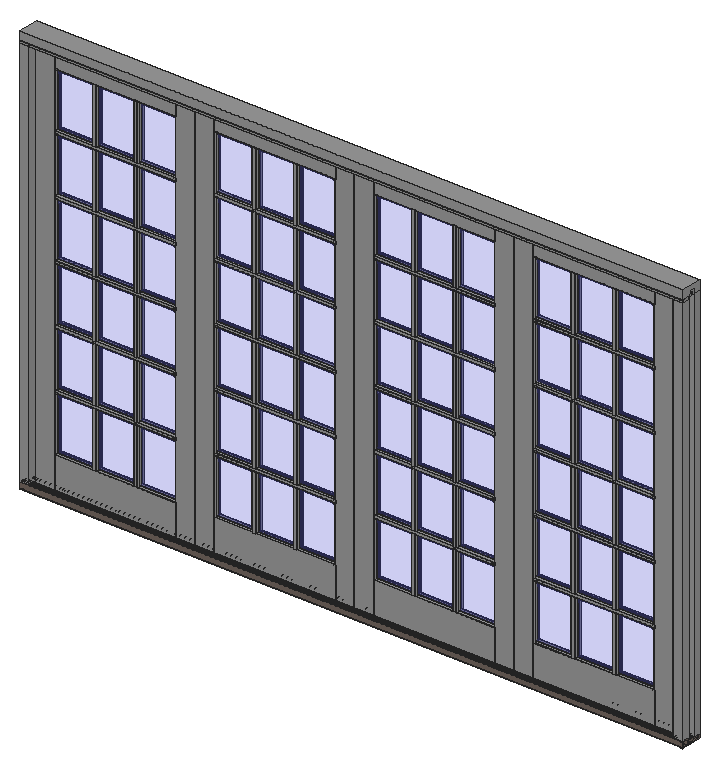
Revit family "VSFA 3390 SP RH", category Doors, host Wall, Revit 2015
Parameters (values of type "VSFA 3390 SP RH")
  Function = Interior
  Frame Projection Ext. = 25 mm
  Frame Projection Int. = 25 mm
  Frame Width = 75 mm
  Height = 2100 mm
  Wall Closure = By host
  Width = 3390 mm
Reference planes
  plane 1: y = 0
  plane 2 "Center (Left/Right)": x = 0
  plane 3 "Left": x = -1695
  plane 4 "Right": x = 1695
  plane 5: z = 2100
  plane 6 "Exterior": y = 75
  plane 7 "Interior": y = -75
  plane 8: x = -832.5
  plane 9: x = -829.5
  plane 10: x = -16.5
  plane 11: x = -13.5
  plane 12: x = 799.5
  plane 13: x = 802.5
Forms (mm)
  Extrusion 1, solid, material "Aluminium Cill (Bronze)"
    sketch origin (0, 79.18, -119.746) x (0, 1, 0) y (0, 0, -1)
      loop
        arc (-26.68, -120.746) -> (-26.972, -120.039) -> (-27.68, -119.746) r 1
        line (-27.68, -119.746) -> (-130.68, -119.746)
        arc (-130.68, -119.746) -> (-131.387, -120.039) -> (-131.68, -120.746) r 1
        line (-131.68, -120.746) -> (-131.68, -150.746)
        arc (-131.68, -150.746) -> (-131.387, -151.453) -> (-130.68, -151.746) r 1
        line (-130.68, -151.746) -> (-120.912, -151.746)
        arc (-120.912, -151.746) -> (-119.18, -150.746) -> (-117.447, -151.746) r 2
        line (-117.447, -151.746) -> (-112.912, -151.746)
        arc (-112.912, -151.746) -> (-111.18, -150.746) -> (-109.447, -151.746) r 2
        line (-109.447, -151.746) -> (-99.68, -151.746)
        arc (-99.68, -151.746) -> (-98.972, -151.453) -> (-98.68, -150.746) r 1
        line (-98.68, -150.746) -> (-98.68, -149.246)
        arc (-98.68, -149.246) -> (-99.18, -148.746) -> (-99.68, -149.246) r 0.5
        line (-99.68, -149.246) -> (-99.68, -150.246) -> (-100.88, -150.246) -> (-100.88, -142.734) -> (-99.68, -142.734) -> (-99.68, -143.746)
        arc (-99.68, -143.746) -> (-99.18, -144.246) -> (-98.68, -143.746) r 0.5
        line (-98.68, -143.746) -> (-98.68, -138.746) -> (-90.432, -138.746) -> (-82.18, -138.746) -> (-82.18, -135.246)
        arc (-82.18, -135.246) -> (-81.74, -134.185) -> (-80.68, -133.746) r 1.5
        line (-80.68, -133.746) -> (-75.93, -133.746) -> (-75.93, -135.746) -> (-77.363, -135.746)
        arc (-77.363, -135.746) -> (-74.68, -138.746) -> (-71.996, -135.746) r 2.7
        line (-71.996, -135.746) -> (-73.43, -135.746) -> (-73.43, -133.746) -> (-68.68, -133.746)
        arc (-68.68, -133.746) -> (-67.619, -134.185) -> (-67.18, -135.246) r 1.5
        line (-67.18, -135.246) -> (-67.18, -138.746) -> (-60.412, -138.746)
        arc (-60.412, -138.746) -> (-58.68, -137.746) -> (-56.947, -138.746) r 2
        line (-56.947, -138.746) -> (-52.412, -138.746)
        arc (-52.412, -138.746) -> (-50.68, -137.746) -> (-48.947, -138.746) r 2
        line (-48.947, -138.746) -> (-44.412, -138.746)
        arc (-44.412, -138.746) -> (-42.68, -137.746) -> (-40.947, -138.746) r 2
        line (-40.947, -138.746) -> (-29.68, -138.746)
        arc (-29.68, -138.746) -> (-27.558, -137.867) -> (-26.68, -135.746) r 3
        line (-26.68, -135.746) -> (-26.68, -120.746)
      loop
        arc (-29.68, -137.246) -> (-28.619, -136.807) -> (-28.18, -135.746) r 1.5
        line (-28.18, -135.746) -> (-28.18, -121.246) -> (-73.93, -121.246) -> (-73.93, -132.246) -> (-68.68, -132.246)
        arc (-68.68, -132.246) -> (-66.558, -133.125) -> (-65.68, -135.246) r 3
        line (-65.68, -135.246) -> (-65.68, -137.246) -> (-61.129, -137.246)
        arc (-61.129, -137.246) -> (-58.68, -136.246) -> (-56.23, -137.246) r 3.5
        line (-56.23, -137.246) -> (-53.129, -137.246)
        arc (-53.129, -137.246) -> (-50.68, -136.246) -> (-48.23, -137.246) r 3.5
        line (-48.23, -137.246) -> (-45.129, -137.246)
        arc (-45.129, -137.246) -> (-42.68, -136.246) -> (-40.23, -137.246) r 3.5
        line (-40.23, -137.246) -> (-29.68, -137.246)
      loop
        line (-75.43, -132.246) -> (-75.43, -121.246) -> (-98.68, -121.246) -> (-98.68, -137.246) -> (-83.68, -137.246) -> (-83.68, -135.246)
        arc (-83.68, -135.246) -> (-82.801, -133.125) -> (-80.68, -132.246) r 3
        line (-80.68, -132.246) -> (-75.43, -132.246)
      loop
        line (-100.18, -121.246) -> (-130.18, -121.246) -> (-130.18, -150.246) -> (-121.629, -150.246)
        arc (-121.629, -150.246) -> (-119.18, -149.246) -> (-116.73, -150.246) r 3.5
        line (-116.73, -150.246) -> (-113.629, -150.246)
        arc (-113.629, -150.246) -> (-111.18, -149.246) -> (-108.73, -150.246) r 3.5
        line (-108.73, -150.246) -> (-102.38, -150.246) -> (-102.38, -141.246) -> (-100.18, -141.246) -> (-100.18, -121.246)
    from -1695 to 1695
  Extrusion 2, solid, material "Lauan, Meranti"
    sketch origin (-122.148, 0, 0) x (0, 1, 0) y (0, 0, 1)
      loop
        line (52.5, 2100) -> (-52.5, 2100) -> (-52.5, 2055) -> (-6.5, 2055) -> (-6.5, 2075) -> (15.5, 2075) -> (15.5, 2055) -> (52.5, 2055) -> (52.5, 2100)
    from -1572.852 to 1817.148
  Extrusion 3, solid, material "Lauan, Meranti"
    sketch origin (2.986, 0, 0) x (0, 1, 0) y (0, 0, 1)
      loop
        line (-52.5, 2052) -> (-52.5, 2042) -> (-20.5, 2042) -> (-20.5, 2045.5) -> (-27.5, 2045.5) -> (-27.5, 2048.5) -> (-20.5, 2048.5) -> (-20.5, 2055) -> (-49.5, 2055) -> (-49.5, 2052) -> (-52.5, 2052)
    from -1697.986 to 1692.014
  Extrusion 4, solid, material "Steel, Chrome Plated"
    sketch origin (129.456, -1.5, 0) x (0, 1, 0) y (0, 0, -1)
      loop
        line (16.5, -2075) -> (16.5, -2055) -> (14.3, -2055) -> (14.3, -2072.8) -> (-2.3, -2072.8) -> (-2.3, -2055) -> (-4.5, -2055) -> (-4.5, -2075) -> (16.5, -2075)
    from -1565.544 to 1824.456
  Extrusion 5, solid, material "Lauan, Meranti"
    sketch origin (-1430, 0, 0) x (1, 0, 0) y (0, 1, 0)
      loop
        line (-265, 52.5) -> (-265, -19.5) -> (-220, -19.5) -> (-220, 24.5) -> (-232, 24.5) -> (-232, 52.5) -> (-265, 52.5)
    from 19 to 32
  Extrusion 6, solid, material "Lauan, Meranti"
    sketch origin (1430, 0, 0) x (1, 0, 0) y (0, 1, 0)
      loop
        line (220, 52.5) -> (220, 25.5) -> (265, 25.5) -> (265, 52.5) -> (220, 52.5)
      loop
        line (235, 24.5) -> (190, 24.5) -> (190, -15.5) -> (235, -15.5) -> (235, -5.5) -> (210, -5.5) -> (210, 14.5) -> (235, 14.5) -> (235, 24.5)
    from 19 to 32
  Extrusion 7, solid, material "Lauan, Meranti"
    sketch origin (1030, 0, 0) x (1, 0, 0) y (0, 1, 0)
      loop
        line (665, -52.5) -> (665, -16.5) -> (620, -16.5) -> (620, -52.5) -> (665, -52.5)
      loop
        line (665, 52.5) -> (620, 52.5) -> (620, 25.5) -> (665, 25.5) -> (665, 52.5)
      loop
        line (590, 24.5) -> (590, -15.5) -> (635, -15.5) -> (635, -5.5) -> (610, -5.5) -> (610, 14.5) -> (635, 14.5) -> (635, 24.5) -> (590, 24.5)
    from 32 to 2055
  Extrusion 8, solid, material "Lauan, Meranti"
    sketch origin (-1030, 0, 0) x (1, 0, 0) y (0, 1, 0)
      loop
        line (-665, 52.5) -> (-665, -52.5) -> (-620, -52.5) -> (-620, 24.5) -> (-632, 24.5) -> (-632, 52.5) -> (-665, 52.5)
    from 32 to 2055
  Extrusion 9, solid, material "Lauan, Meranti"
    sketch origin (1935.5, 0, 0) x (1, 0, 0) y (0, 1, 0)
      loop
        line (-1133, -15.5) -> (-1037, -15.5) -> (-1037, -13.5)
        arc (-1037, -13.5) -> (-1032.265, -11.94) -> (-1030, -7.5) r 6.549
        line (-1030, -7.5) -> (-1028, -7.5) -> (-1028, -5.5) -> (-1037, -5.5) -> (-1037, 24.5) -> (-1133, 24.5) -> (-1133, -15.5)
      loop
        line (-320, -15.5) -> (-320, 24.5) -> (-416, 24.5) -> (-416, -5.5) -> (-425, -5.5) -> (-425, -7.5) -> (-423, -7.5)
        arc (-423, -7.5) -> (-420.735, -11.94) -> (-416, -13.5) r 6.549
        line (-416, -13.5) -> (-416, -15.5) -> (-320, -15.5)
    from 19 to 2055
  Extrusion 10, solid, material "Lauan, Meranti"
    sketch origin (1119.5, 0, 0) x (1, 0, 0) y (0, 1, 0)
      loop
        line (-1133, -15.5) -> (-1037, -15.5) -> (-1037, -13.5)
        arc (-1037, -13.5) -> (-1032.265, -11.94) -> (-1030, -7.5) r 6.549
        line (-1030, -7.5) -> (-1028, -7.5) -> (-1028, -5.5) -> (-1037, -5.5) -> (-1037, 24.5) -> (-1133, 24.5) -> (-1133, -15.5)
      loop
        line (-320, -15.5) -> (-320, 24.5) -> (-416, 24.5) -> (-416, -5.5) -> (-425, -5.5) -> (-425, -7.5) -> (-423, -7.5)
        arc (-423, -7.5) -> (-420.735, -11.94) -> (-416, -13.5) r 6.549
        line (-416, -13.5) -> (-416, -15.5) -> (-320, -15.5)
    from 19 to 2055
  Extrusion 11, solid, material "Lauan, Meranti"
    sketch origin (303.5, 0, 0) x (1, 0, 0) y (0, 1, 0)
      loop
        line (-1133, -15.5) -> (-1037, -15.5) -> (-1037, -13.5)
        arc (-1037, -13.5) -> (-1032.265, -11.94) -> (-1030, -7.5) r 6.549
        line (-1030, -7.5) -> (-1028, -7.5) -> (-1028, -5.5) -> (-1037, -5.5) -> (-1037, 24.5) -> (-1133, 24.5) -> (-1133, -15.5)
      loop
        line (-320, -15.5) -> (-320, 24.5) -> (-416, 24.5) -> (-416, -5.5) -> (-425, -5.5) -> (-425, -7.5) -> (-423, -7.5)
        arc (-423, -7.5) -> (-420.735, -11.94) -> (-416, -13.5) r 6.549
        line (-416, -13.5) -> (-416, -15.5) -> (-320, -15.5)
    from 19 to 2055
  Extrusion 12, solid, material "Lauan, Meranti"
    sketch origin (-512.5, 0, 0) x (1, 0, 0) y (0, 1, 0)
      loop
        line (-1133, -15.5) -> (-1037, -15.5) -> (-1037, -13.5)
        arc (-1037, -13.5) -> (-1032.265, -11.94) -> (-1030, -7.5) r 6.549
        line (-1030, -7.5) -> (-1028, -7.5) -> (-1028, -5.5) -> (-1037, -5.5) -> (-1037, 24.5) -> (-1133, 24.5) -> (-1133, -15.5)
      loop
        line (-320, -15.5) -> (-320, 24.5) -> (-416, 24.5) -> (-416, -5.5) -> (-425, -5.5) -> (-425, -7.5) -> (-423, -7.5)
        arc (-423, -7.5) -> (-420.735, -11.94) -> (-416, -13.5) r 6.549
        line (-416, -13.5) -> (-416, -15.5) -> (-320, -15.5)
    from 19 to 2055
  Extrusion 13, solid, material "Lauan, Meranti"
    sketch origin (1067.735, 0, 0) x (0, 1, 0) y (0, 0, 1)
      loop
        line (-15.5, 190) -> (-15.5, 19) -> (24.5, 19) -> (24.5, 190) -> (-5.5, 190) -> (-5.5, 199) -> (-7.5, 199) -> (-7.5, 197)
        arc (-7.5, 197) -> (-11.866, 194.67) -> (-13.5, 190) r 6.807
        line (-13.5, 190) -> (-15.5, 190)
      loop
        line (-7.5, 1952) -> (-7.5, 1950) -> (-5.5, 1950) -> (-5.5, 1959) -> (24.5, 1959) -> (24.5, 2055) -> (-15.5, 2055) -> (-15.5, 1959) -> (-13.5, 1959)
        arc (-13.5, 1959) -> (-11.866, 1954.33) -> (-7.5, 1952) r 6.807
      loop
        line (-15.5, 1675) -> (-15.5, 1662) -> (-13.5, 1662)
        arc (-13.5, 1662) -> (-11.866, 1657.33) -> (-7.5, 1655) r 6.807
        line (-7.5, 1655) -> (-7.5, 1653) -> (-5.5, 1653) -> (-5.5, 1662) -> (24.5, 1662) -> (24.5, 1675) -> (-5.5, 1675) -> (-5.5, 1684) -> (-7.5, 1684) -> (-7.5, 1682)
        arc (-7.5, 1682) -> (-11.866, 1679.67) -> (-13.5, 1675) r 6.807
        line (-13.5, 1675) -> (-15.5, 1675)
      loop
        line (-15.5, 1378) -> (-15.5, 1365) -> (-13.5, 1365)
        arc (-13.5, 1365) -> (-11.866, 1360.33) -> (-7.5, 1358) r 6.807
        line (-7.5, 1358) -> (-7.5, 1356) -> (-5.5, 1356) -> (-5.5, 1365) -> (24.5, 1365) -> (24.5, 1378) -> (-5.5, 1378) -> (-5.5, 1387) -> (-7.5, 1387) -> (-7.5, 1385)
        arc (-7.5, 1385) -> (-11.866, 1382.67) -> (-13.5, 1378) r 6.807
        line (-13.5, 1378) -> (-15.5, 1378)
      loop
        line (-15.5, 1081) -> (-15.5, 1068) -> (-13.5, 1068)
        arc (-13.5, 1068) -> (-11.866, 1063.33) -> (-7.5, 1061) r 6.807
        line (-7.5, 1061) -> (-7.5, 1059) -> (-5.5, 1059) -> (-5.5, 1068) -> (24.5, 1068) -> (24.5, 1081) -> (-5.5, 1081) -> (-5.5, 1090) -> (-7.5, 1090) -> (-7.5, 1088)
        arc (-7.5, 1088) -> (-11.866, 1085.67) -> (-13.5, 1081) r 6.807
        line (-13.5, 1081) -> (-15.5, 1081)
      loop
        line (-15.5, 784) -> (-15.5, 771) -> (-13.5, 771)
        arc (-13.5, 771) -> (-11.866, 766.33) -> (-7.5, 764) r 6.807
        line (-7.5, 764) -> (-7.5, 762) -> (-5.5, 762) -> (-5.5, 771) -> (24.5, 771) -> (24.5, 784) -> (-5.5, 784) -> (-5.5, 793) -> (-7.5, 793) -> (-7.5, 791)
        arc (-7.5, 791) -> (-11.866, 788.67) -> (-13.5, 784) r 6.807
        line (-13.5, 784) -> (-15.5, 784)
      loop
        line (-15.5, 487) -> (-15.5, 474) -> (-13.5, 474)
        arc (-13.5, 474) -> (-11.866, 469.33) -> (-7.5, 467) r 6.807
        line (-7.5, 467) -> (-7.5, 465) -> (-5.5, 465) -> (-5.5, 474) -> (24.5, 474) -> (24.5, 487) -> (-5.5, 487) -> (-5.5, 496) -> (-7.5, 496) -> (-7.5, 494)
        arc (-7.5, 494) -> (-11.866, 491.67) -> (-13.5, 487) r 6.807
        line (-13.5, 487) -> (-15.5, 487)
    from -169.235 to 451.765
  Extrusion 14, solid, material "Glass"
    sketch origin (1044.308, -110.55, -763.769) x (1, 0, 0) y (0, 0, 1)
      loop
        line (-145.808, 2722.769) -> (-145.808, 2438.757) -> (52.532, 2438.757) -> (52.532, 2722.769) -> (-145.808, 2722.769)
      loop
        line (65.532, 2722.769) -> (65.532, 2438.757) -> (263.872, 2438.757) -> (263.872, 2722.769) -> (65.532, 2722.769)
      loop
        line (276.872, 2722.769) -> (276.872, 2438.757) -> (475.212, 2438.757) -> (475.212, 2722.769) -> (276.872, 2722.769)
      loop
        line (-145.808, 2425.769) -> (-145.808, 2141.757) -> (52.532, 2141.757) -> (52.532, 2425.769) -> (-145.808, 2425.769)
      loop
        line (65.532, 2425.769) -> (65.532, 2141.757) -> (263.872, 2141.757) -> (263.872, 2425.769) -> (65.532, 2425.769)
      loop
        line (276.872, 2425.769) -> (276.872, 2141.757) -> (475.212, 2141.757) -> (475.212, 2425.769) -> (276.872, 2425.769)
      loop
        line (-145.808, 2128.769) -> (-145.808, 1844.757) -> (52.532, 1844.757) -> (52.532, 2128.769) -> (-145.808, 2128.769)
      loop
        line (65.532, 2128.769) -> (65.532, 1844.757) -> (263.872, 1844.757) -> (263.872, 2128.769) -> (65.532, 2128.769)
      loop
        line (276.872, 2128.769) -> (276.872, 1844.757) -> (475.212, 1844.757) -> (475.212, 2128.769) -> (276.872, 2128.769)
      loop
        line (-145.808, 1831.769) -> (-145.808, 1547.757) -> (52.532, 1547.757) -> (52.532, 1831.769) -> (-145.808, 1831.769)
      loop
        line (65.532, 1831.769) -> (65.532, 1547.757) -> (263.872, 1547.757) -> (263.872, 1831.769) -> (65.532, 1831.769)
      loop
        line (276.872, 1831.769) -> (276.872, 1547.757) -> (475.212, 1547.757) -> (475.212, 1831.769) -> (276.872, 1831.769)
      loop
        line (-145.808, 1534.769) -> (-145.808, 1250.757) -> (52.532, 1250.757) -> (52.532, 1534.769) -> (-145.808, 1534.769)
      loop
        line (65.532, 1534.769) -> (65.532, 1250.757) -> (263.872, 1250.757) -> (263.872, 1534.769) -> (65.532, 1534.769)
      loop
        line (276.872, 1534.769) -> (276.872, 1250.757) -> (475.212, 1250.757) -> (475.212, 1534.769) -> (276.872, 1534.769)
      loop
        line (-145.808, 1237.769) -> (-145.808, 953.757) -> (52.532, 953.757) -> (52.532, 1237.769) -> (-145.808, 1237.769)
      loop
        line (65.532, 1237.769) -> (65.532, 953.757) -> (263.872, 953.757) -> (263.872, 1237.769) -> (65.532, 1237.769)
      loop
        line (276.872, 1237.769) -> (276.872, 953.757) -> (475.212, 953.757) -> (475.212, 1237.769) -> (276.872, 1237.769)
    from -112.5 to -106.1
  Extrusion 15, solid, material "Lauan, Meranti"
    sketch origin (512.5, 0, 1484.988) x (1, 0, 0) y (0, 1, 0)
      loop
        line (597.34, -15.5) -> (597.34, -13.5)
        arc (597.34, -13.5) -> (602.01, -11.866) -> (604.34, -7.5) r 6.807
        line (604.34, -7.5) -> (606.34, -7.5) -> (606.34, -5.5) -> (597.34, -5.5) -> (597.34, 24.5) -> (584.34, 24.5) -> (584.34, -5.5) -> (575.34, -5.5) -> (575.34, -7.5) -> (577.34, -7.5)
        arc (577.34, -7.5) -> (579.67, -11.866) -> (584.34, -13.5) r 6.807
        line (584.34, -13.5) -> (584.34, -15.5) -> (597.34, -15.5)
      loop
        line (808.68, -15.5) -> (808.68, -13.5)
        arc (808.68, -13.5) -> (813.35, -11.866) -> (815.68, -7.5) r 6.807
        line (815.68, -7.5) -> (817.68, -7.5) -> (817.68, -5.5) -> (808.68, -5.5) -> (808.68, 24.5) -> (795.68, 24.5) -> (795.68, -5.5) -> (786.68, -5.5) -> (786.68, -7.5) -> (788.68, -7.5)
        arc (788.68, -7.5) -> (791.01, -11.866) -> (795.68, -13.5) r 6.807
        line (795.68, -13.5) -> (795.68, -15.5) -> (808.68, -15.5)
    from 190 to 474
  Sweep 16, solid, material "Lauan, Meranti"
    path origin (559.888, -75, 232.716) x (1, 0, 0) y (0, 0, 1)
      loop
        line (338.612, 1726.284) -> (338.612, 1442.272) -> (536.952, 1442.272) -> (536.952, 1726.284) -> (338.612, 1726.284)
    profile origin (997.67, -75, 1959) x (0, 0, 1) y (0, -1, 0)
      loop
        line (-9, -78) -> (-9, -80) -> (-7, -80)
        arc (-7, -80) -> (-4.67, -84.366) -> (0, -86) r 6.807
        line (0, -86) -> (0, -78) -> (-9, -78)
  Sweep 17, solid, material "Lauan, Meranti"
    path origin (771.228, -75, 232.716) x (1, 0, 0) y (0, 0, 1)
      loop
        line (338.612, 1726.284) -> (338.612, 1442.272) -> (536.952, 1442.272) -> (536.952, 1726.284) -> (338.612, 1726.284)
    profile origin (1209.01, -75, 1959) x (0, 0, 1) y (0, -1, 0)
      loop
        line (-9, -78) -> (-9, -80) -> (-7, -80)
        arc (-7, -80) -> (-4.67, -84.366) -> (0, -86) r 6.807
        line (0, -86) -> (0, -78) -> (-9, -78)
  Sweep 18, solid, material "Lauan, Meranti"
    path origin (982.568, -75, 232.716) x (1, 0, 0) y (0, 0, 1)
      loop
        line (338.612, 1726.284) -> (338.612, 1442.272) -> (536.952, 1442.272) -> (536.952, 1726.284) -> (338.612, 1726.284)
    profile origin (1420.35, -75, 1959) x (0, 0, 1) y (0, -1, 0)
      loop
        line (-9, -78) -> (-9, -80) -> (-7, -80)
        arc (-7, -80) -> (-4.67, -84.366) -> (0, -86) r 6.807
        line (0, -86) -> (0, -78) -> (-9, -78)
  Extrusion 19, solid, material "Lauan, Meranti"
    sketch origin (512.5, 0, 1187.988) x (1, 0, 0) y (0, 1, 0)
      loop
        line (597.34, -15.5) -> (597.34, -13.5)
        arc (597.34, -13.5) -> (602.01, -11.866) -> (604.34, -7.5) r 6.807
        line (604.34, -7.5) -> (606.34, -7.5) -> (606.34, -5.5) -> (597.34, -5.5) -> (597.34, 24.5) -> (584.34, 24.5) -> (584.34, -5.5) -> (575.34, -5.5) -> (575.34, -7.5) -> (577.34, -7.5)
        arc (577.34, -7.5) -> (579.67, -11.866) -> (584.34, -13.5) r 6.807
        line (584.34, -13.5) -> (584.34, -15.5) -> (597.34, -15.5)
      loop
        line (808.68, -15.5) -> (808.68, -13.5)
        arc (808.68, -13.5) -> (813.35, -11.866) -> (815.68, -7.5) r 6.807
        line (815.68, -7.5) -> (817.68, -7.5) -> (817.68, -5.5) -> (808.68, -5.5) -> (808.68, 24.5) -> (795.68, 24.5) -> (795.68, -5.5) -> (786.68, -5.5) -> (786.68, -7.5) -> (788.68, -7.5)
        arc (788.68, -7.5) -> (791.01, -11.866) -> (795.68, -13.5) r 6.807
        line (795.68, -13.5) -> (795.68, -15.5) -> (808.68, -15.5)
    from 190 to 474
  Sweep 20, solid, material "Lauan, Meranti"
    path origin (559.888, -75, -64.284) x (1, 0, 0) y (0, 0, 1)
      loop
        line (338.612, 1726.284) -> (338.612, 1442.272) -> (536.952, 1442.272) -> (536.952, 1726.284) -> (338.612, 1726.284)
    profile origin (997.67, -75, 1662) x (0, 0, 1) y (0, -1, 0)
      loop
        line (-9, -78) -> (-9, -80) -> (-7, -80)
        arc (-7, -80) -> (-4.67, -84.366) -> (0, -86) r 6.807
        line (0, -86) -> (0, -78) -> (-9, -78)
  Sweep 21, solid, material "Lauan, Meranti"
    path origin (771.228, -75, -64.284) x (1, 0, 0) y (0, 0, 1)
      loop
        line (338.612, 1726.284) -> (338.612, 1442.272) -> (536.952, 1442.272) -> (536.952, 1726.284) -> (338.612, 1726.284)
    profile origin (1209.01, -75, 1662) x (0, 0, 1) y (0, -1, 0)
      loop
        line (-9, -78) -> (-9, -80) -> (-7, -80)
        arc (-7, -80) -> (-4.67, -84.366) -> (0, -86) r 6.807
        line (0, -86) -> (0, -78) -> (-9, -78)
  Sweep 22, solid, material "Lauan, Meranti"
    path origin (982.568, -75, -64.284) x (1, 0, 0) y (0, 0, 1)
      loop
        line (338.612, 1726.284) -> (338.612, 1442.272) -> (536.952, 1442.272) -> (536.952, 1726.284) -> (338.612, 1726.284)
    profile origin (1420.35, -75, 1662) x (0, 0, 1) y (0, -1, 0)
      loop
        line (-9, -78) -> (-9, -80) -> (-7, -80)
        arc (-7, -80) -> (-4.67, -84.366) -> (0, -86) r 6.807
        line (0, -86) -> (0, -78) -> (-9, -78)
  Extrusion 23, solid, material "Lauan, Meranti"
    sketch origin (512.5, 0, 890.988) x (1, 0, 0) y (0, 1, 0)
      loop
        line (597.34, -15.5) -> (597.34, -13.5)
        arc (597.34, -13.5) -> (602.01, -11.866) -> (604.34, -7.5) r 6.807
        line (604.34, -7.5) -> (606.34, -7.5) -> (606.34, -5.5) -> (597.34, -5.5) -> (597.34, 24.5) -> (584.34, 24.5) -> (584.34, -5.5) -> (575.34, -5.5) -> (575.34, -7.5) -> (577.34, -7.5)
        arc (577.34, -7.5) -> (579.67, -11.866) -> (584.34, -13.5) r 6.807
        line (584.34, -13.5) -> (584.34, -15.5) -> (597.34, -15.5)
      loop
        line (808.68, -15.5) -> (808.68, -13.5)
        arc (808.68, -13.5) -> (813.35, -11.866) -> (815.68, -7.5) r 6.807
        line (815.68, -7.5) -> (817.68, -7.5) -> (817.68, -5.5) -> (808.68, -5.5) -> (808.68, 24.5) -> (795.68, 24.5) -> (795.68, -5.5) -> (786.68, -5.5) -> (786.68, -7.5) -> (788.68, -7.5)
        arc (788.68, -7.5) -> (791.01, -11.866) -> (795.68, -13.5) r 6.807
        line (795.68, -13.5) -> (795.68, -15.5) -> (808.68, -15.5)
    from 190 to 474
  Sweep 24, solid, material "Lauan, Meranti"
    path origin (559.888, -75, -361.284) x (1, 0, 0) y (0, 0, 1)
      loop
        line (338.612, 1726.284) -> (338.612, 1442.272) -> (536.952, 1442.272) -> (536.952, 1726.284) -> (338.612, 1726.284)
    profile origin (997.67, -75, 1365) x (0, 0, 1) y (0, -1, 0)
      loop
        line (-9, -78) -> (-9, -80) -> (-7, -80)
        arc (-7, -80) -> (-4.67, -84.366) -> (0, -86) r 6.807
        line (0, -86) -> (0, -78) -> (-9, -78)
  Sweep 25, solid, material "Lauan, Meranti"
    path origin (771.228, -75, -361.284) x (1, 0, 0) y (0, 0, 1)
      loop
        line (338.612, 1726.284) -> (338.612, 1442.272) -> (536.952, 1442.272) -> (536.952, 1726.284) -> (338.612, 1726.284)
    profile origin (1209.01, -75, 1365) x (0, 0, 1) y (0, -1, 0)
      loop
        line (-9, -78) -> (-9, -80) -> (-7, -80)
        arc (-7, -80) -> (-4.67, -84.366) -> (0, -86) r 6.807
        line (0, -86) -> (0, -78) -> (-9, -78)
  Sweep 26, solid, material "Lauan, Meranti"
    path origin (982.568, -75, -361.284) x (1, 0, 0) y (0, 0, 1)
      loop
        line (338.612, 1726.284) -> (338.612, 1442.272) -> (536.952, 1442.272) -> (536.952, 1726.284) -> (338.612, 1726.284)
    profile origin (1420.35, -75, 1365) x (0, 0, 1) y (0, -1, 0)
      loop
        line (-9, -78) -> (-9, -80) -> (-7, -80)
        arc (-7, -80) -> (-4.67, -84.366) -> (0, -86) r 6.807
        line (0, -86) -> (0, -78) -> (-9, -78)
  Extrusion 27, solid, material "Lauan, Meranti"
    sketch origin (512.5, 0, 593.988) x (1, 0, 0) y (0, 1, 0)
      loop
        line (597.34, -15.5) -> (597.34, -13.5)
        arc (597.34, -13.5) -> (602.01, -11.866) -> (604.34, -7.5) r 6.807
        line (604.34, -7.5) -> (606.34, -7.5) -> (606.34, -5.5) -> (597.34, -5.5) -> (597.34, 24.5) -> (584.34, 24.5) -> (584.34, -5.5) -> (575.34, -5.5) -> (575.34, -7.5) -> (577.34, -7.5)
        arc (577.34, -7.5) -> (579.67, -11.866) -> (584.34, -13.5) r 6.807
        line (584.34, -13.5) -> (584.34, -15.5) -> (597.34, -15.5)
      loop
        line (808.68, -15.5) -> (808.68, -13.5)
        arc (808.68, -13.5) -> (813.35, -11.866) -> (815.68, -7.5) r 6.807
        line (815.68, -7.5) -> (817.68, -7.5) -> (817.68, -5.5) -> (808.68, -5.5) -> (808.68, 24.5) -> (795.68, 24.5) -> (795.68, -5.5) -> (786.68, -5.5) -> (786.68, -7.5) -> (788.68, -7.5)
        arc (788.68, -7.5) -> (791.01, -11.866) -> (795.68, -13.5) r 6.807
        line (795.68, -13.5) -> (795.68, -15.5) -> (808.68, -15.5)
    from 190 to 474
  Sweep 28, solid, material "Lauan, Meranti"
    path origin (559.888, -75, -658.284) x (1, 0, 0) y (0, 0, 1)
      loop
        line (338.612, 1726.284) -> (338.612, 1442.272) -> (536.952, 1442.272) -> (536.952, 1726.284) -> (338.612, 1726.284)
    profile origin (997.67, -75, 1068) x (0, 0, 1) y (0, -1, 0)
      loop
        line (-9, -78) -> (-9, -80) -> (-7, -80)
        arc (-7, -80) -> (-4.67, -84.366) -> (0, -86) r 6.807
        line (0, -86) -> (0, -78) -> (-9, -78)
  Sweep 29, solid, material "Lauan, Meranti"
    path origin (771.228, -75, -658.284) x (1, 0, 0) y (0, 0, 1)
      loop
        line (338.612, 1726.284) -> (338.612, 1442.272) -> (536.952, 1442.272) -> (536.952, 1726.284) -> (338.612, 1726.284)
    profile origin (1209.01, -75, 1068) x (0, 0, 1) y (0, -1, 0)
      loop
        line (-9, -78) -> (-9, -80) -> (-7, -80)
        arc (-7, -80) -> (-4.67, -84.366) -> (0, -86) r 6.807
        line (0, -86) -> (0, -78) -> (-9, -78)
  Sweep 30, solid, material "Lauan, Meranti"
    path origin (982.568, -75, -658.284) x (1, 0, 0) y (0, 0, 1)
      loop
        line (338.612, 1726.284) -> (338.612, 1442.272) -> (536.952, 1442.272) -> (536.952, 1726.284) -> (338.612, 1726.284)
    profile origin (1420.35, -75, 1068) x (0, 0, 1) y (0, -1, 0)
      loop
        line (-9, -78) -> (-9, -80) -> (-7, -80)
        arc (-7, -80) -> (-4.67, -84.366) -> (0, -86) r 6.807
        line (0, -86) -> (0, -78) -> (-9, -78)
  Extrusion 31, solid, material "Lauan, Meranti"
    sketch origin (512.5, 0, 296.988) x (1, 0, 0) y (0, 1, 0)
      loop
        line (597.34, -15.5) -> (597.34, -13.5)
        arc (597.34, -13.5) -> (602.01, -11.866) -> (604.34, -7.5) r 6.807
        line (604.34, -7.5) -> (606.34, -7.5) -> (606.34, -5.5) -> (597.34, -5.5) -> (597.34, 24.5) -> (584.34, 24.5) -> (584.34, -5.5) -> (575.34, -5.5) -> (575.34, -7.5) -> (577.34, -7.5)
        arc (577.34, -7.5) -> (579.67, -11.866) -> (584.34, -13.5) r 6.807
        line (584.34, -13.5) -> (584.34, -15.5) -> (597.34, -15.5)
      loop
        line (808.68, -15.5) -> (808.68, -13.5)
        arc (808.68, -13.5) -> (813.35, -11.866) -> (815.68, -7.5) r 6.807
        line (815.68, -7.5) -> (817.68, -7.5) -> (817.68, -5.5) -> (808.68, -5.5) -> (808.68, 24.5) -> (795.68, 24.5) -> (795.68, -5.5) -> (786.68, -5.5) -> (786.68, -7.5) -> (788.68, -7.5)
        arc (788.68, -7.5) -> (791.01, -11.866) -> (795.68, -13.5) r 6.807
        line (795.68, -13.5) -> (795.68, -15.5) -> (808.68, -15.5)
    from 190 to 474
  Sweep 32, solid, material "Lauan, Meranti"
    path origin (559.888, -75, -955.284) x (1, 0, 0) y (0, 0, 1)
      loop
        line (338.612, 1726.284) -> (338.612, 1442.272) -> (536.952, 1442.272) -> (536.952, 1726.284) -> (338.612, 1726.284)
    profile origin (997.67, -75, 771) x (0, 0, 1) y (0, -1, 0)
      loop
        line (-9, -78) -> (-9, -80) -> (-7, -80)
        arc (-7, -80) -> (-4.67, -84.366) -> (0, -86) r 6.807
        line (0, -86) -> (0, -78) -> (-9, -78)
  Sweep 33, solid, material "Lauan, Meranti"
    path origin (771.228, -75, -955.284) x (1, 0, 0) y (0, 0, 1)
      loop
        line (338.612, 1726.284) -> (338.612, 1442.272) -> (536.952, 1442.272) -> (536.952, 1726.284) -> (338.612, 1726.284)
    profile origin (1209.01, -75, 771) x (0, 0, 1) y (0, -1, 0)
      loop
        line (-9, -78) -> (-9, -80) -> (-7, -80)
        arc (-7, -80) -> (-4.67, -84.366) -> (0, -86) r 6.807
        line (0, -86) -> (0, -78) -> (-9, -78)
  Sweep 34, solid, material "Lauan, Meranti"
    path origin (982.568, -75, -955.284) x (1, 0, 0) y (0, 0, 1)
      loop
        line (338.612, 1726.284) -> (338.612, 1442.272) -> (536.952, 1442.272) -> (536.952, 1726.284) -> (338.612, 1726.284)
    profile origin (1420.35, -75, 771) x (0, 0, 1) y (0, -1, 0)
      loop
        line (-9, -78) -> (-9, -80) -> (-7, -80)
        arc (-7, -80) -> (-4.67, -84.366) -> (0, -86) r 6.807
        line (0, -86) -> (0, -78) -> (-9, -78)
  Extrusion 35, solid, material "Lauan, Meranti"
    sketch origin (512.5, 0, -0.012) x (1, 0, 0) y (0, 1, 0)
      loop
        line (597.34, -15.5) -> (597.34, -13.5)
        arc (597.34, -13.5) -> (602.01, -11.866) -> (604.34, -7.5) r 6.807
        line (604.34, -7.5) -> (606.34, -7.5) -> (606.34, -5.5) -> (597.34, -5.5) -> (597.34, 24.5) -> (584.34, 24.5) -> (584.34, -5.5) -> (575.34, -5.5) -> (575.34, -7.5) -> (577.34, -7.5)
        arc (577.34, -7.5) -> (579.67, -11.866) -> (584.34, -13.5) r 6.807
        line (584.34, -13.5) -> (584.34, -15.5) -> (597.34, -15.5)
      loop
        line (808.68, -15.5) -> (808.68, -13.5)
        arc (808.68, -13.5) -> (813.35, -11.866) -> (815.68, -7.5) r 6.807
        line (815.68, -7.5) -> (817.68, -7.5) -> (817.68, -5.5) -> (808.68, -5.5) -> (808.68, 24.5) -> (795.68, 24.5) -> (795.68, -5.5) -> (786.68, -5.5) -> (786.68, -7.5) -> (788.68, -7.5)
        arc (788.68, -7.5) -> (791.01, -11.866) -> (795.68, -13.5) r 6.807
        line (795.68, -13.5) -> (795.68, -15.5) -> (808.68, -15.5)
    from 190 to 474
  Sweep 36, solid, material "Lauan, Meranti"
    path origin (559.888, -75, -1252.284) x (1, 0, 0) y (0, 0, 1)
      loop
        line (338.612, 1726.284) -> (338.612, 1442.272) -> (536.952, 1442.272) -> (536.952, 1726.284) -> (338.612, 1726.284)
    profile origin (997.67, -75, 474) x (0, 0, 1) y (0, -1, 0)
      loop
        line (-9, -78) -> (-9, -80) -> (-7, -80)
        arc (-7, -80) -> (-4.67, -84.366) -> (0, -86) r 6.807
        line (0, -86) -> (0, -78) -> (-9, -78)
  Sweep 37, solid, material "Lauan, Meranti"
    path origin (771.228, -75, -1252.284) x (1, 0, 0) y (0, 0, 1)
      loop
        line (338.612, 1726.284) -> (338.612, 1442.272) -> (536.952, 1442.272) -> (536.952, 1726.284) -> (338.612, 1726.284)
    profile origin (1209.01, -75, 474) x (0, 0, 1) y (0, -1, 0)
      loop
        line (-9, -78) -> (-9, -80) -> (-7, -80)
        arc (-7, -80) -> (-4.67, -84.366) -> (0, -86) r 6.807
        line (0, -86) -> (0, -78) -> (-9, -78)
  Sweep 38, solid, material "Lauan, Meranti"
    path origin (982.568, -75, -1252.284) x (1, 0, 0) y (0, 0, 1)
      loop
        line (338.612, 1726.284) -> (338.612, 1442.272) -> (536.952, 1442.272) -> (536.952, 1726.284) -> (338.612, 1726.284)
    profile origin (1420.35, -75, 474) x (0, 0, 1) y (0, -1, 0)
      loop
        line (-9, -78) -> (-9, -80) -> (-7, -80)
        arc (-7, -80) -> (-4.67, -84.366) -> (0, -86) r 6.807
        line (0, -86) -> (0, -78) -> (-9, -78)
  Extrusion 39, solid, material "Lauan, Meranti"
    sketch origin (251.735, 0, 0) x (0, 1, 0) y (0, 0, 1)
      loop
        line (-15.5, 190) -> (-15.5, 19) -> (24.5, 19) -> (24.5, 190) -> (-5.5, 190) -> (-5.5, 199) -> (-7.5, 199) -> (-7.5, 197)
        arc (-7.5, 197) -> (-11.866, 194.67) -> (-13.5, 190) r 6.807
        line (-13.5, 190) -> (-15.5, 190)
      loop
        line (-7.5, 1952) -> (-7.5, 1950) -> (-5.5, 1950) -> (-5.5, 1959) -> (24.5, 1959) -> (24.5, 2055) -> (-15.5, 2055) -> (-15.5, 1959) -> (-13.5, 1959)
        arc (-13.5, 1959) -> (-11.866, 1954.33) -> (-7.5, 1952) r 6.807
      loop
        line (-15.5, 1675) -> (-15.5, 1662) -> (-13.5, 1662)
        arc (-13.5, 1662) -> (-11.866, 1657.33) -> (-7.5, 1655) r 6.807
        line (-7.5, 1655) -> (-7.5, 1653) -> (-5.5, 1653) -> (-5.5, 1662) -> (24.5, 1662) -> (24.5, 1675) -> (-5.5, 1675) -> (-5.5, 1684) -> (-7.5, 1684) -> (-7.5, 1682)
        arc (-7.5, 1682) -> (-11.866, 1679.67) -> (-13.5, 1675) r 6.807
        line (-13.5, 1675) -> (-15.5, 1675)
      loop
        line (-15.5, 1378) -> (-15.5, 1365) -> (-13.5, 1365)
        arc (-13.5, 1365) -> (-11.866, 1360.33) -> (-7.5, 1358) r 6.807
        line (-7.5, 1358) -> (-7.5, 1356) -> (-5.5, 1356) -> (-5.5, 1365) -> (24.5, 1365) -> (24.5, 1378) -> (-5.5, 1378) -> (-5.5, 1387) -> (-7.5, 1387) -> (-7.5, 1385)
        arc (-7.5, 1385) -> (-11.866, 1382.67) -> (-13.5, 1378) r 6.807
        line (-13.5, 1378) -> (-15.5, 1378)
      loop
        line (-15.5, 1081) -> (-15.5, 1068) -> (-13.5, 1068)
        arc (-13.5, 1068) -> (-11.866, 1063.33) -> (-7.5, 1061) r 6.807
        line (-7.5, 1061) -> (-7.5, 1059) -> (-5.5, 1059) -> (-5.5, 1068) -> (24.5, 1068) -> (24.5, 1081) -> (-5.5, 1081) -> (-5.5, 1090) -> (-7.5, 1090) -> (-7.5, 1088)
        arc (-7.5, 1088) -> (-11.866, 1085.67) -> (-13.5, 1081) r 6.807
        line (-13.5, 1081) -> (-15.5, 1081)
      loop
        line (-15.5, 784) -> (-15.5, 771) -> (-13.5, 771)
        arc (-13.5, 771) -> (-11.866, 766.33) -> (-7.5, 764) r 6.807
        line (-7.5, 764) -> (-7.5, 762) -> (-5.5, 762) -> (-5.5, 771) -> (24.5, 771) -> (24.5, 784) -> (-5.5, 784) -> (-5.5, 793) -> (-7.5, 793) -> (-7.5, 791)
        arc (-7.5, 791) -> (-11.866, 788.67) -> (-13.5, 784) r 6.807
        line (-13.5, 784) -> (-15.5, 784)
      loop
        line (-15.5, 487) -> (-15.5, 474) -> (-13.5, 474)
        arc (-13.5, 474) -> (-11.866, 469.33) -> (-7.5, 467) r 6.807
        line (-7.5, 467) -> (-7.5, 465) -> (-5.5, 465) -> (-5.5, 474) -> (24.5, 474) -> (24.5, 487) -> (-5.5, 487) -> (-5.5, 496) -> (-7.5, 496) -> (-7.5, 494)
        arc (-7.5, 494) -> (-11.866, 491.67) -> (-13.5, 487) r 6.807
        line (-13.5, 487) -> (-15.5, 487)
    from -169.235 to 451.765
  Extrusion 40, solid, material "Glass"
    sketch origin (228.308, -110.55, -763.769) x (1, 0, 0) y (0, 0, 1)
      loop
        line (-145.808, 2722.769) -> (-145.808, 2438.757) -> (52.532, 2438.757) -> (52.532, 2722.769) -> (-145.808, 2722.769)
      loop
        line (65.532, 2722.769) -> (65.532, 2438.757) -> (263.872, 2438.757) -> (263.872, 2722.769) -> (65.532, 2722.769)
      loop
        line (276.872, 2722.769) -> (276.872, 2438.757) -> (475.212, 2438.757) -> (475.212, 2722.769) -> (276.872, 2722.769)
      loop
        line (-145.808, 2425.769) -> (-145.808, 2141.757) -> (52.532, 2141.757) -> (52.532, 2425.769) -> (-145.808, 2425.769)
      loop
        line (65.532, 2425.769) -> (65.532, 2141.757) -> (263.872, 2141.757) -> (263.872, 2425.769) -> (65.532, 2425.769)
      loop
        line (276.872, 2425.769) -> (276.872, 2141.757) -> (475.212, 2141.757) -> (475.212, 2425.769) -> (276.872, 2425.769)
      loop
        line (-145.808, 2128.769) -> (-145.808, 1844.757) -> (52.532, 1844.757) -> (52.532, 2128.769) -> (-145.808, 2128.769)
      loop
        line (65.532, 2128.769) -> (65.532, 1844.757) -> (263.872, 1844.757) -> (263.872, 2128.769) -> (65.532, 2128.769)
      loop
        line (276.872, 2128.769) -> (276.872, 1844.757) -> (475.212, 1844.757) -> (475.212, 2128.769) -> (276.872, 2128.769)
      loop
        line (-145.808, 1831.769) -> (-145.808, 1547.757) -> (52.532, 1547.757) -> (52.532, 1831.769) -> (-145.808, 1831.769)
      loop
        line (65.532, 1831.769) -> (65.532, 1547.757) -> (263.872, 1547.757) -> (263.872, 1831.769) -> (65.532, 1831.769)
      loop
        line (276.872, 1831.769) -> (276.872, 1547.757) -> (475.212, 1547.757) -> (475.212, 1831.769) -> (276.872, 1831.769)
      loop
        line (-145.808, 1534.769) -> (-145.808, 1250.757) -> (52.532, 1250.757) -> (52.532, 1534.769) -> (-145.808, 1534.769)
      loop
        line (65.532, 1534.769) -> (65.532, 1250.757) -> (263.872, 1250.757) -> (263.872, 1534.769) -> (65.532, 1534.769)
      loop
        line (276.872, 1534.769) -> (276.872, 1250.757) -> (475.212, 1250.757) -> (475.212, 1534.769) -> (276.872, 1534.769)
      loop
        line (-145.808, 1237.769) -> (-145.808, 953.757) -> (52.532, 953.757) -> (52.532, 1237.769) -> (-145.808, 1237.769)
      loop
        line (65.532, 1237.769) -> (65.532, 953.757) -> (263.872, 953.757) -> (263.872, 1237.769) -> (65.532, 1237.769)
      loop
        line (276.872, 1237.769) -> (276.872, 953.757) -> (475.212, 953.757) -> (475.212, 1237.769) -> (276.872, 1237.769)
    from -112.5 to -106.1
  Extrusion 41, solid, material "Lauan, Meranti"
    sketch origin (-303.5, 0, 1484.988) x (1, 0, 0) y (0, 1, 0)
      loop
        line (597.34, -15.5) -> (597.34, -13.5)
        arc (597.34, -13.5) -> (602.01, -11.866) -> (604.34, -7.5) r 6.807
        line (604.34, -7.5) -> (606.34, -7.5) -> (606.34, -5.5) -> (597.34, -5.5) -> (597.34, 24.5) -> (584.34, 24.5) -> (584.34, -5.5) -> (575.34, -5.5) -> (575.34, -7.5) -> (577.34, -7.5)
        arc (577.34, -7.5) -> (579.67, -11.866) -> (584.34, -13.5) r 6.807
        line (584.34, -13.5) -> (584.34, -15.5) -> (597.34, -15.5)
      loop
        line (808.68, -15.5) -> (808.68, -13.5)
        arc (808.68, -13.5) -> (813.35, -11.866) -> (815.68, -7.5) r 6.807
        line (815.68, -7.5) -> (817.68, -7.5) -> (817.68, -5.5) -> (808.68, -5.5) -> (808.68, 24.5) -> (795.68, 24.5) -> (795.68, -5.5) -> (786.68, -5.5) -> (786.68, -7.5) -> (788.68, -7.5)
        arc (788.68, -7.5) -> (791.01, -11.866) -> (795.68, -13.5) r 6.807
        line (795.68, -13.5) -> (795.68, -15.5) -> (808.68, -15.5)
    from 190 to 474
  Sweep 42, solid, material "Lauan, Meranti"
    path origin (-256.112, -75, 232.716) x (1, 0, 0) y (0, 0, 1)
      loop
        line (338.612, 1726.284) -> (338.612, 1442.272) -> (536.952, 1442.272) -> (536.952, 1726.284) -> (338.612, 1726.284)
    profile origin (181.67, -75, 1959) x (0, 0, 1) y (0, -1, 0)
      loop
        line (-9, -78) -> (-9, -80) -> (-7, -80)
        arc (-7, -80) -> (-4.67, -84.366) -> (0, -86) r 6.807
        line (0, -86) -> (0, -78) -> (-9, -78)
  Sweep 43, solid, material "Lauan, Meranti"
    path origin (-44.772, -75, 232.716) x (1, 0, 0) y (0, 0, 1)
      loop
        line (338.612, 1726.284) -> (338.612, 1442.272) -> (536.952, 1442.272) -> (536.952, 1726.284) -> (338.612, 1726.284)
    profile origin (393.01, -75, 1959) x (0, 0, 1) y (0, -1, 0)
      loop
        line (-9, -78) -> (-9, -80) -> (-7, -80)
        arc (-7, -80) -> (-4.67, -84.366) -> (0, -86) r 6.807
        line (0, -86) -> (0, -78) -> (-9, -78)
  Sweep 44, solid, material "Lauan, Meranti"
    path origin (166.568, -75, 232.716) x (1, 0, 0) y (0, 0, 1)
      loop
        line (338.612, 1726.284) -> (338.612, 1442.272) -> (536.952, 1442.272) -> (536.952, 1726.284) -> (338.612, 1726.284)
    profile origin (604.35, -75, 1959) x (0, 0, 1) y (0, -1, 0)
      loop
        line (-9, -78) -> (-9, -80) -> (-7, -80)
        arc (-7, -80) -> (-4.67, -84.366) -> (0, -86) r 6.807
        line (0, -86) -> (0, -78) -> (-9, -78)
  Extrusion 45, solid, material "Lauan, Meranti"
    sketch origin (-303.5, 0, 1187.988) x (1, 0, 0) y (0, 1, 0)
      loop
        line (597.34, -15.5) -> (597.34, -13.5)
        arc (597.34, -13.5) -> (602.01, -11.866) -> (604.34, -7.5) r 6.807
        line (604.34, -7.5) -> (606.34, -7.5) -> (606.34, -5.5) -> (597.34, -5.5) -> (597.34, 24.5) -> (584.34, 24.5) -> (584.34, -5.5) -> (575.34, -5.5) -> (575.34, -7.5) -> (577.34, -7.5)
        arc (577.34, -7.5) -> (579.67, -11.866) -> (584.34, -13.5) r 6.807
        line (584.34, -13.5) -> (584.34, -15.5) -> (597.34, -15.5)
      loop
        line (808.68, -15.5) -> (808.68, -13.5)
        arc (808.68, -13.5) -> (813.35, -11.866) -> (815.68, -7.5) r 6.807
        line (815.68, -7.5) -> (817.68, -7.5) -> (817.68, -5.5) -> (808.68, -5.5) -> (808.68, 24.5) -> (795.68, 24.5) -> (795.68, -5.5) -> (786.68, -5.5) -> (786.68, -7.5) -> (788.68, -7.5)
        arc (788.68, -7.5) -> (791.01, -11.866) -> (795.68, -13.5) r 6.807
        line (795.68, -13.5) -> (795.68, -15.5) -> (808.68, -15.5)
    from 190 to 474
  Sweep 46, solid, material "Lauan, Meranti"
    path origin (-256.112, -75, -64.284) x (1, 0, 0) y (0, 0, 1)
      loop
        line (338.612, 1726.284) -> (338.612, 1442.272) -> (536.952, 1442.272) -> (536.952, 1726.284) -> (338.612, 1726.284)
    profile origin (181.67, -75, 1662) x (0, 0, 1) y (0, -1, 0)
      loop
        line (-9, -78) -> (-9, -80) -> (-7, -80)
        arc (-7, -80) -> (-4.67, -84.366) -> (0, -86) r 6.807
        line (0, -86) -> (0, -78) -> (-9, -78)
  Sweep 47, solid, material "Lauan, Meranti"
    path origin (-44.772, -75, -64.284) x (1, 0, 0) y (0, 0, 1)
      loop
        line (338.612, 1726.284) -> (338.612, 1442.272) -> (536.952, 1442.272) -> (536.952, 1726.284) -> (338.612, 1726.284)
    profile origin (393.01, -75, 1662) x (0, 0, 1) y (0, -1, 0)
      loop
        line (-9, -78) -> (-9, -80) -> (-7, -80)
        arc (-7, -80) -> (-4.67, -84.366) -> (0, -86) r 6.807
        line (0, -86) -> (0, -78) -> (-9, -78)
  Sweep 48, solid, material "Lauan, Meranti"
    path origin (166.568, -75, -64.284) x (1, 0, 0) y (0, 0, 1)
      loop
        line (338.612, 1726.284) -> (338.612, 1442.272) -> (536.952, 1442.272) -> (536.952, 1726.284) -> (338.612, 1726.284)
    profile origin (604.35, -75, 1662) x (0, 0, 1) y (0, -1, 0)
      loop
        line (-9, -78) -> (-9, -80) -> (-7, -80)
        arc (-7, -80) -> (-4.67, -84.366) -> (0, -86) r 6.807
        line (0, -86) -> (0, -78) -> (-9, -78)
  Extrusion 49, solid, material "Lauan, Meranti"
    sketch origin (-303.5, 0, 890.988) x (1, 0, 0) y (0, 1, 0)
      loop
        line (597.34, -15.5) -> (597.34, -13.5)
        arc (597.34, -13.5) -> (602.01, -11.866) -> (604.34, -7.5) r 6.807
        line (604.34, -7.5) -> (606.34, -7.5) -> (606.34, -5.5) -> (597.34, -5.5) -> (597.34, 24.5) -> (584.34, 24.5) -> (584.34, -5.5) -> (575.34, -5.5) -> (575.34, -7.5) -> (577.34, -7.5)
        arc (577.34, -7.5) -> (579.67, -11.866) -> (584.34, -13.5) r 6.807
        line (584.34, -13.5) -> (584.34, -15.5) -> (597.34, -15.5)
      loop
        line (808.68, -15.5) -> (808.68, -13.5)
        arc (808.68, -13.5) -> (813.35, -11.866) -> (815.68, -7.5) r 6.807
        line (815.68, -7.5) -> (817.68, -7.5) -> (817.68, -5.5) -> (808.68, -5.5) -> (808.68, 24.5) -> (795.68, 24.5) -> (795.68, -5.5) -> (786.68, -5.5) -> (786.68, -7.5) -> (788.68, -7.5)
        arc (788.68, -7.5) -> (791.01, -11.866) -> (795.68, -13.5) r 6.807
        line (795.68, -13.5) -> (795.68, -15.5) -> (808.68, -15.5)
    from 190 to 474
  Sweep 50, solid, material "Lauan, Meranti"
    path origin (-256.112, -75, -361.284) x (1, 0, 0) y (0, 0, 1)
      loop
        line (338.612, 1726.284) -> (338.612, 1442.272) -> (536.952, 1442.272) -> (536.952, 1726.284) -> (338.612, 1726.284)
    profile origin (181.67, -75, 1365) x (0, 0, 1) y (0, -1, 0)
      loop
        line (-9, -78) -> (-9, -80) -> (-7, -80)
        arc (-7, -80) -> (-4.67, -84.366) -> (0, -86) r 6.807
        line (0, -86) -> (0, -78) -> (-9, -78)
  Sweep 51, solid, material "Lauan, Meranti"
    path origin (-44.772, -75, -361.284) x (1, 0, 0) y (0, 0, 1)
      loop
        line (338.612, 1726.284) -> (338.612, 1442.272) -> (536.952, 1442.272) -> (536.952, 1726.284) -> (338.612, 1726.284)
    profile origin (393.01, -75, 1365) x (0, 0, 1) y (0, -1, 0)
      loop
        line (-9, -78) -> (-9, -80) -> (-7, -80)
        arc (-7, -80) -> (-4.67, -84.366) -> (0, -86) r 6.807
        line (0, -86) -> (0, -78) -> (-9, -78)
  Sweep 52, solid, material "Lauan, Meranti"
    path origin (166.568, -75, -361.284) x (1, 0, 0) y (0, 0, 1)
      loop
        line (338.612, 1726.284) -> (338.612, 1442.272) -> (536.952, 1442.272) -> (536.952, 1726.284) -> (338.612, 1726.284)
    profile origin (604.35, -75, 1365) x (0, 0, 1) y (0, -1, 0)
      loop
        line (-9, -78) -> (-9, -80) -> (-7, -80)
        arc (-7, -80) -> (-4.67, -84.366) -> (0, -86) r 6.807
        line (0, -86) -> (0, -78) -> (-9, -78)
  Extrusion 53, solid, material "Lauan, Meranti"
    sketch origin (-303.5, 0, 593.988) x (1, 0, 0) y (0, 1, 0)
      loop
        line (597.34, -15.5) -> (597.34, -13.5)
        arc (597.34, -13.5) -> (602.01, -11.866) -> (604.34, -7.5) r 6.807
        line (604.34, -7.5) -> (606.34, -7.5) -> (606.34, -5.5) -> (597.34, -5.5) -> (597.34, 24.5) -> (584.34, 24.5) -> (584.34, -5.5) -> (575.34, -5.5) -> (575.34, -7.5) -> (577.34, -7.5)
        arc (577.34, -7.5) -> (579.67, -11.866) -> (584.34, -13.5) r 6.807
        line (584.34, -13.5) -> (584.34, -15.5) -> (597.34, -15.5)
      loop
        line (808.68, -15.5) -> (808.68, -13.5)
        arc (808.68, -13.5) -> (813.35, -11.866) -> (815.68, -7.5) r 6.807
        line (815.68, -7.5) -> (817.68, -7.5) -> (817.68, -5.5) -> (808.68, -5.5) -> (808.68, 24.5) -> (795.68, 24.5) -> (795.68, -5.5) -> (786.68, -5.5) -> (786.68, -7.5) -> (788.68, -7.5)
        arc (788.68, -7.5) -> (791.01, -11.866) -> (795.68, -13.5) r 6.807
        line (795.68, -13.5) -> (795.68, -15.5) -> (808.68, -15.5)
    from 190 to 474
  Sweep 54, solid, material "Lauan, Meranti"
    path origin (-256.112, -75, -658.284) x (1, 0, 0) y (0, 0, 1)
      loop
        line (338.612, 1726.284) -> (338.612, 1442.272) -> (536.952, 1442.272) -> (536.952, 1726.284) -> (338.612, 1726.284)
    profile origin (181.67, -75, 1068) x (0, 0, 1) y (0, -1, 0)
      loop
        line (-9, -78) -> (-9, -80) -> (-7, -80)
        arc (-7, -80) -> (-4.67, -84.366) -> (0, -86) r 6.807
        line (0, -86) -> (0, -78) -> (-9, -78)
  Sweep 55, solid, material "Lauan, Meranti"
    path origin (-44.772, -75, -658.284) x (1, 0, 0) y (0, 0, 1)
      loop
        line (338.612, 1726.284) -> (338.612, 1442.272) -> (536.952, 1442.272) -> (536.952, 1726.284) -> (338.612, 1726.284)
    profile origin (393.01, -75, 1068) x (0, 0, 1) y (0, -1, 0)
      loop
        line (-9, -78) -> (-9, -80) -> (-7, -80)
        arc (-7, -80) -> (-4.67, -84.366) -> (0, -86) r 6.807
        line (0, -86) -> (0, -78) -> (-9, -78)
  Sweep 56, solid, material "Lauan, Meranti"
    path origin (166.568, -75, -658.284) x (1, 0, 0) y (0, 0, 1)
      loop
        line (338.612, 1726.284) -> (338.612, 1442.272) -> (536.952, 1442.272) -> (536.952, 1726.284) -> (338.612, 1726.284)
    profile origin (604.35, -75, 1068) x (0, 0, 1) y (0, -1, 0)
      loop
        line (-9, -78) -> (-9, -80) -> (-7, -80)
        arc (-7, -80) -> (-4.67, -84.366) -> (0, -86) r 6.807
        line (0, -86) -> (0, -78) -> (-9, -78)
  Extrusion 57, solid, material "Lauan, Meranti"
    sketch origin (-303.5, 0, 296.988) x (1, 0, 0) y (0, 1, 0)
      loop
        line (597.34, -15.5) -> (597.34, -13.5)
        arc (597.34, -13.5) -> (602.01, -11.866) -> (604.34, -7.5) r 6.807
        line (604.34, -7.5) -> (606.34, -7.5) -> (606.34, -5.5) -> (597.34, -5.5) -> (597.34, 24.5) -> (584.34, 24.5) -> (584.34, -5.5) -> (575.34, -5.5) -> (575.34, -7.5) -> (577.34, -7.5)
        arc (577.34, -7.5) -> (579.67, -11.866) -> (584.34, -13.5) r 6.807
        line (584.34, -13.5) -> (584.34, -15.5) -> (597.34, -15.5)
      loop
        line (808.68, -15.5) -> (808.68, -13.5)
        arc (808.68, -13.5) -> (813.35, -11.866) -> (815.68, -7.5) r 6.807
        line (815.68, -7.5) -> (817.68, -7.5) -> (817.68, -5.5) -> (808.68, -5.5) -> (808.68, 24.5) -> (795.68, 24.5) -> (795.68, -5.5) -> (786.68, -5.5) -> (786.68, -7.5) -> (788.68, -7.5)
        arc (788.68, -7.5) -> (791.01, -11.866) -> (795.68, -13.5) r 6.807
        line (795.68, -13.5) -> (795.68, -15.5) -> (808.68, -15.5)
    from 190 to 474
  Sweep 58, solid, material "Lauan, Meranti"
    path origin (-256.112, -75, -955.284) x (1, 0, 0) y (0, 0, 1)
      loop
        line (338.612, 1726.284) -> (338.612, 1442.272) -> (536.952, 1442.272) -> (536.952, 1726.284) -> (338.612, 1726.284)
    profile origin (181.67, -75, 771) x (0, 0, 1) y (0, -1, 0)
      loop
        line (-9, -78) -> (-9, -80) -> (-7, -80)
        arc (-7, -80) -> (-4.67, -84.366) -> (0, -86) r 6.807
        line (0, -86) -> (0, -78) -> (-9, -78)
  Sweep 59, solid, material "Lauan, Meranti"
    path origin (-44.772, -75, -955.284) x (1, 0, 0) y (0, 0, 1)
      loop
        line (338.612, 1726.284) -> (338.612, 1442.272) -> (536.952, 1442.272) -> (536.952, 1726.284) -> (338.612, 1726.284)
    profile origin (393.01, -75, 771) x (0, 0, 1) y (0, -1, 0)
      loop
        line (-9, -78) -> (-9, -80) -> (-7, -80)
        arc (-7, -80) -> (-4.67, -84.366) -> (0, -86) r 6.807
        line (0, -86) -> (0, -78) -> (-9, -78)
  Sweep 60, solid, material "Lauan, Meranti"
    path origin (166.568, -75, -955.284) x (1, 0, 0) y (0, 0, 1)
      loop
        line (338.612, 1726.284) -> (338.612, 1442.272) -> (536.952, 1442.272) -> (536.952, 1726.284) -> (338.612, 1726.284)
    profile origin (604.35, -75, 771) x (0, 0, 1) y (0, -1, 0)
      loop
        line (-9, -78) -> (-9, -80) -> (-7, -80)
        arc (-7, -80) -> (-4.67, -84.366) -> (0, -86) r 6.807
        line (0, -86) -> (0, -78) -> (-9, -78)
  Extrusion 61, solid, material "Lauan, Meranti"
    sketch origin (-303.5, 0, -0.012) x (1, 0, 0) y (0, 1, 0)
      loop
        line (597.34, -15.5) -> (597.34, -13.5)
        arc (597.34, -13.5) -> (602.01, -11.866) -> (604.34, -7.5) r 6.807
        line (604.34, -7.5) -> (606.34, -7.5) -> (606.34, -5.5) -> (597.34, -5.5) -> (597.34, 24.5) -> (584.34, 24.5) -> (584.34, -5.5) -> (575.34, -5.5) -> (575.34, -7.5) -> (577.34, -7.5)
        arc (577.34, -7.5) -> (579.67, -11.866) -> (584.34, -13.5) r 6.807
        line (584.34, -13.5) -> (584.34, -15.5) -> (597.34, -15.5)
      loop
        line (808.68, -15.5) -> (808.68, -13.5)
        arc (808.68, -13.5) -> (813.35, -11.866) -> (815.68, -7.5) r 6.807
        line (815.68, -7.5) -> (817.68, -7.5) -> (817.68, -5.5) -> (808.68, -5.5) -> (808.68, 24.5) -> (795.68, 24.5) -> (795.68, -5.5) -> (786.68, -5.5) -> (786.68, -7.5) -> (788.68, -7.5)
        arc (788.68, -7.5) -> (791.01, -11.866) -> (795.68, -13.5) r 6.807
        line (795.68, -13.5) -> (795.68, -15.5) -> (808.68, -15.5)
    from 190 to 474
  Sweep 62, solid, material "Lauan, Meranti"
    path origin (-256.112, -75, -1252.284) x (1, 0, 0) y (0, 0, 1)
      loop
        line (338.612, 1726.284) -> (338.612, 1442.272) -> (536.952, 1442.272) -> (536.952, 1726.284) -> (338.612, 1726.284)
    profile origin (181.67, -75, 474) x (0, 0, 1) y (0, -1, 0)
      loop
        line (-9, -78) -> (-9, -80) -> (-7, -80)
        arc (-7, -80) -> (-4.67, -84.366) -> (0, -86) r 6.807
        line (0, -86) -> (0, -78) -> (-9, -78)
  Sweep 63, solid, material "Lauan, Meranti"
    path origin (-44.772, -75, -1252.284) x (1, 0, 0) y (0, 0, 1)
      loop
        line (338.612, 1726.284) -> (338.612, 1442.272) -> (536.952, 1442.272) -> (536.952, 1726.284) -> (338.612, 1726.284)
    profile origin (393.01, -75, 474) x (0, 0, 1) y (0, -1, 0)
      loop
        line (-9, -78) -> (-9, -80) -> (-7, -80)
        arc (-7, -80) -> (-4.67, -84.366) -> (0, -86) r 6.807
        line (0, -86) -> (0, -78) -> (-9, -78)
  Sweep 64, solid, material "Lauan, Meranti"
    path origin (166.568, -75, -1252.284) x (1, 0, 0) y (0, 0, 1)
      loop
        line (338.612, 1726.284) -> (338.612, 1442.272) -> (536.952, 1442.272) -> (536.952, 1726.284) -> (338.612, 1726.284)
    profile origin (604.35, -75, 474) x (0, 0, 1) y (0, -1, 0)
      loop
        line (-9, -78) -> (-9, -80) -> (-7, -80)
        arc (-7, -80) -> (-4.67, -84.366) -> (0, -86) r 6.807
        line (0, -86) -> (0, -78) -> (-9, -78)
  Extrusion 65, solid, material "Lauan, Meranti"
    sketch origin (-564.265, 0, 0) x (0, 1, 0) y (0, 0, 1)
      loop
        line (-15.5, 190) -> (-15.5, 19) -> (24.5, 19) -> (24.5, 190) -> (-5.5, 190) -> (-5.5, 199) -> (-7.5, 199) -> (-7.5, 197)
        arc (-7.5, 197) -> (-11.866, 194.67) -> (-13.5, 190) r 6.807
        line (-13.5, 190) -> (-15.5, 190)
      loop
        line (-7.5, 1952) -> (-7.5, 1950) -> (-5.5, 1950) -> (-5.5, 1959) -> (24.5, 1959) -> (24.5, 2055) -> (-15.5, 2055) -> (-15.5, 1959) -> (-13.5, 1959)
        arc (-13.5, 1959) -> (-11.866, 1954.33) -> (-7.5, 1952) r 6.807
      loop
        line (-15.5, 1675) -> (-15.5, 1662) -> (-13.5, 1662)
        arc (-13.5, 1662) -> (-11.866, 1657.33) -> (-7.5, 1655) r 6.807
        line (-7.5, 1655) -> (-7.5, 1653) -> (-5.5, 1653) -> (-5.5, 1662) -> (24.5, 1662) -> (24.5, 1675) -> (-5.5, 1675) -> (-5.5, 1684) -> (-7.5, 1684) -> (-7.5, 1682)
        arc (-7.5, 1682) -> (-11.866, 1679.67) -> (-13.5, 1675) r 6.807
        line (-13.5, 1675) -> (-15.5, 1675)
      loop
        line (-15.5, 1378) -> (-15.5, 1365) -> (-13.5, 1365)
        arc (-13.5, 1365) -> (-11.866, 1360.33) -> (-7.5, 1358) r 6.807
        line (-7.5, 1358) -> (-7.5, 1356) -> (-5.5, 1356) -> (-5.5, 1365) -> (24.5, 1365) -> (24.5, 1378) -> (-5.5, 1378) -> (-5.5, 1387) -> (-7.5, 1387) -> (-7.5, 1385)
        arc (-7.5, 1385) -> (-11.866, 1382.67) -> (-13.5, 1378) r 6.807
        line (-13.5, 1378) -> (-15.5, 1378)
      loop
        line (-15.5, 1081) -> (-15.5, 1068) -> (-13.5, 1068)
        arc (-13.5, 1068) -> (-11.866, 1063.33) -> (-7.5, 1061) r 6.807
        line (-7.5, 1061) -> (-7.5, 1059) -> (-5.5, 1059) -> (-5.5, 1068) -> (24.5, 1068) -> (24.5, 1081) -> (-5.5, 1081) -> (-5.5, 1090) -> (-7.5, 1090) -> (-7.5, 1088)
        arc (-7.5, 1088) -> (-11.866, 1085.67) -> (-13.5, 1081) r 6.807
        line (-13.5, 1081) -> (-15.5, 1081)
      loop
        line (-15.5, 784) -> (-15.5, 771) -> (-13.5, 771)
        arc (-13.5, 771) -> (-11.866, 766.33) -> (-7.5, 764) r 6.807
        line (-7.5, 764) -> (-7.5, 762) -> (-5.5, 762) -> (-5.5, 771) -> (24.5, 771) -> (24.5, 784) -> (-5.5, 784) -> (-5.5, 793) -> (-7.5, 793) -> (-7.5, 791)
        arc (-7.5, 791) -> (-11.866, 788.67) -> (-13.5, 784) r 6.807
        line (-13.5, 784) -> (-15.5, 784)
      loop
        line (-15.5, 487) -> (-15.5, 474) -> (-13.5, 474)
        arc (-13.5, 474) -> (-11.866, 469.33) -> (-7.5, 467) r 6.807
        line (-7.5, 467) -> (-7.5, 465) -> (-5.5, 465) -> (-5.5, 474) -> (24.5, 474) -> (24.5, 487) -> (-5.5, 487) -> (-5.5, 496) -> (-7.5, 496) -> (-7.5, 494)
        arc (-7.5, 494) -> (-11.866, 491.67) -> (-13.5, 487) r 6.807
